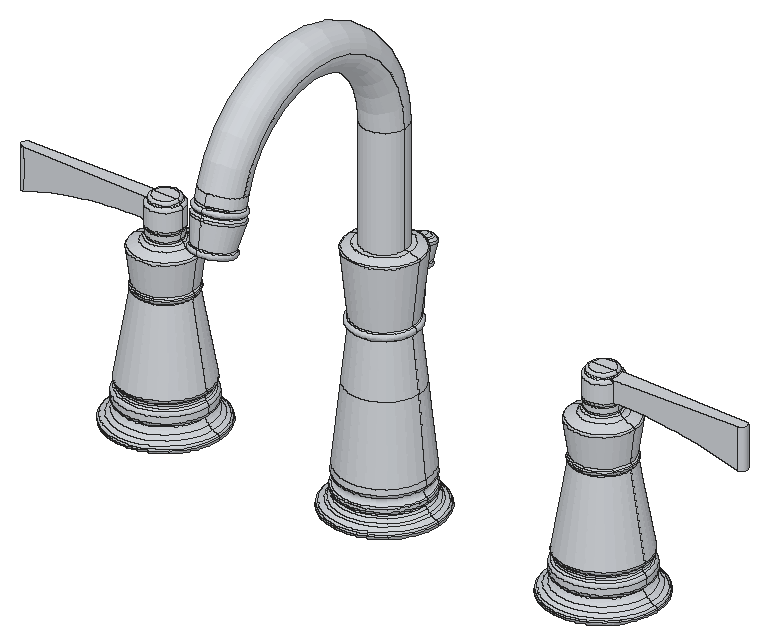
Revit family "Faucet-Lavatory-KOHLER-Archer-K-11076", category Plumbing Fixtures, host Face, Revit 2017
Family settings
  Host = Face
  Round Connector Dimension = Use Diameter
  Part Type = Normal
  OmniClass Number = 23.45.55.00
  OmniClass Title = Sanitary Faucets, Wastes
  Cut with Voids When Loaded = No
  Shared = No
  Room Calculation Point = No
Parameters (values of type "CP-Polished Chrome")
  Width [instance] = Faucet Hole Spacing  # 8"
  WaterSense Certified = if(Type = 1, 1 = 1, if(Type = 2, 1 = 1, 0 = 1))  # yes
  Waste Water Outlet = "Waste Water Outlet"  # constant formula
  Waste Connection = 1 = 0  # no
  Vent Connection = 1 = 0  # no
  URL = "https://www.us.kohler.com/us/"
  Type = 1
  Spout Reach = 3 15/16"  # constant formula
  Product Page URL = "http://www.us.kohler.com/us/catalog/productDetails.jsp?productNumber=11076-4"
  Product Name = "Archer"  # constant formula
  Product Documentation Link = "http://www.us.kohler.com/onlinecatalog/pdf/K-11076-4_spec.pdf"
  Pressure = 60.00 psi  # constant formula
  Model = if(Type = 1, "K-11076-4-CP", if(Type = 2, "K-11076-4-BN", "NA"))  # "K-11076-4-CP"
  Material = "Premium Metal Construction"  # constant formula
  MasterFormat 2004 = "22.41.39"  # constant formula
  MasterFormat 1995 = "15410"  # constant formula
  Manufacturer Address = "444 Highland Dr, Kohler, WI 53044"  # constant formula
  Manufacturer = "KOHLER Co."  # constant formula
  Length = Spout Reach  # 3 15/16"
  Hot Water Inlet = "Hot Water Inlet"  # constant formula
  Height = 8 9/16"  # constant formula
  Handle Clearance = 2 5/8"  # constant formula
  HW Connection = 1 = 1  # yes
  Flow Rate = 1.2 GPM  # constant formula
  Finish = Kohler-Metal-CP-Polished_Chrome
  Faucet Hole Spacing [instance] = 8"
  Environmental Product Declaration = ""
  Drain Included = 1 = 1  # yes
  Description = "Widespread bathroom sink faucet"  # constant formula
  Default Elevation = 36"
  Declare Label = ""
  Date Modified = "09/28/2018"  # constant formula
  Date Created = "09/28/2018"  # constant formula
  Copyright = "Copyright KOHLER Co."  # constant formula
  Contact Us = "https://www.us.kohler.com/us/static/contact.jsp"
  Cold Water Inlet = "Cold Water Inlet"  # constant formula
  CW Connection = 1 = 1  # yes
  Assembly Code = "D2010"
  ADA Compliant = 1 = 1  # yes
Types (3): name | Type | Model | Finish
  (no name) | 1 | "K-11076-4-CP" | Kohler-Metal-CP-Polished_Chrome
  CP-Polished Chrome | 1 | "K-11076-4-CP" | Kohler-Metal-CP-Polished_Chrome
  BN-Vibrant Brushed Nickel | 2 | "K-11076-4-BN" | Kohler-Metal-BN-Vibrant_Brushed_Nickel
Reference planes
  plane 1 "Center (Front/Back)": y = 0
  plane 2: z = 0
  plane 3 "Center (Left/Right)": x = 0
  plane 4: x = -101.6
  plane 5: x = 101.6
  plane 6: z = 217.487
  plane 7: y = -100.013
  plane 8: x = -168.275
  plane 9: x = 168.275
Dimensions and locks
  equal spacing: plane 5, plane 3 "Center (Left/Right)", plane 4
  "Faucet Hole Spacing": plane 4 to plane 5
  "Height": plane 6 to level
  "Length": plane 1 "Center (Front/Back)" to plane 7
  "Handle Clearance": plane 8 to plane 4
  locked: plane 9 to plane 5 at 66.675
  aligned and locked: plane 2 to host face
  aligned and locked: level to host face
  aligned and locked: nested 2 to plane 4
  aligned and locked: plane 5 to nested 3
Automatic sketch dimensions
  host sketch curve to host sketch curve = 96"  (x2)
Nested families
  nested 1: "K-11076_Spout" at (0, 0, 0), type "K-11076_Spout"
  nested 2: "K-11076_Handle" at (-101.6, 0, 0), type "K-11076_Handle"
  nested 3: "K-11076_Handle" at (101.6, 0, 0) x (-1, 0, 0) z (0, 0, 1), type "K-11076_Handle"
Connectors
  piping at (-101.6, 0, 0), diameter 9.525, driven by "Flow Rate", driven by "Pressure", driven by "HW Connection", driven by "Hot Water Inlet"
    settings: on nested 2, index 1, connector inside diameter 24", connector length 0", flow factor 0, pipe flow 1.2 GPM, pressure drop 60.00 psi, fitting loss kfactor 0, connector angle 0.00°, fixture units 0, engagement length 0", angle of deflection 0.00°, flow configuration 1, flow direction 1, fitting loss method 4, system type 19, joint type 0, gender type 0, connector reference index -1, connector utility 1, adjustable connector no, is connector primary yes, connector description "Hot Water Inlet"
  piping at (101.6, 0, 0), diameter 9.525, driven by "Flow Rate", driven by "Pressure", driven by "CW Connection", driven by "Cold Water Inlet"
    settings: on nested 3, index 2, connector inside diameter 24", connector length 0", flow factor 0, pipe flow 1.2 GPM, pressure drop 60.00 psi, fitting loss kfactor 0, connector angle 0.00°, fixture units 0, engagement length 0", angle of deflection 0.00°, flow configuration 1, flow direction 1, fitting loss method 4, system type 20, joint type 0, gender type 0, connector reference index -1, connector utility 1, adjustable connector no, is connector primary no, connector description "Cold Water Inlet"
Definition of nested family "K-11076_Spout"
  Parameters (values of type "K-11076_Spout")
    Material = none
  Reference planes
    plane 1 "Center (Front/Back)": y = 0
    plane 2: z = 0
    plane 3 "Center (Left/Right)": x = 0
  Forms (mm)
    Revolve 1, solid, material <- "Material", detail levels medium+fine
      sketch origin (0, 0, 0) x (1, 0, 0) y (0, 0, 1)
        loop
          line (0, 0) -> (0, 109.753) -> (-12.065, 109.753) -> (-16.052, 108.104)
          arc (-16.052, 108.104) -> (-16.37, 107.888) -> (-16.465, 107.516) r 0.541
          line (-16.465, 107.516) -> (-13.276, 79.543)
          arc (-13.276, 79.543) -> (-13.399, 79.171) -> (-13.743, 78.983) r 0.534
          arc (-13.743, 78.983) -> (-14.857, 77.729) -> (-13.754, 76.465) r 1.27
          arc (-13.754, 76.465) -> (-13.424, 76.275) -> (-13.319, 75.909) r 0.507
          line (-13.319, 75.909) -> (-15.821, 52.049) -> (-19.432, 17.694) -> (-19.697, 15.169)
          arc (-19.697, 15.169) -> (-19.704, 14.66) -> (-19.348, 14.295) r 0.665
          arc (-19.348, 14.295) -> (-18.279, 12.234) -> (-19.558, 10.295) r 2.294
          arc (-19.558, 10.295) -> (-19.919, 10.146) -> (-20.068, 9.785) r 0.51
          line (-20.068, 9.785) -> (-20.068, 8.384)
          arc (-20.068, 8.384) -> (-19.919, 8.023) -> (-19.558, 7.874) r 0.51
          line (-19.558, 7.874) -> (-17.833, 7.874)
          arc (-17.833, 7.874) -> (-18.214, 7.753) -> (-18.485, 7.459) r 0.778
          arc (-18.485, 7.459) -> (-18.717, 7.043) -> (-18.971, 6.64) r 9.213
          arc (-18.971, 6.64) -> (-19.266, 6.228) -> (-19.588, 5.837) r 7.58
          arc (-19.588, 5.837) -> (-20.261, 5.134) -> (-20.99, 4.491) r 11.571
          arc (-20.99, 4.491) -> (-21.488, 4.103) -> (-22, 3.735) r 16.209
          arc (-22, 3.735) -> (-23.067, 3.06) -> (-24.184, 2.469) r 16.209
          arc (-24.184, 2.469) -> (-24.581, 2.16) -> (-24.813, 1.713) r 1.179
          line (-24.813, 1.713) -> (-25.015, 0.959)
          arc (-25.015, 0.959) -> (-24.884, 0.298) -> (-24.28, 0) r 0.761
          line (-24.28, 0) -> (0, 0)
        axis (0, 0) -> (0, 109.753)
      angle from 0 to 360
    Sweep 2, solid, material <- "Material", detail levels medium+fine
      path origin (0, 0, 0) x (0, 1, 0) y (0, 0, 1)
        loop
          line (0, 109.753) -> (0, 160.304)
          arc (0, 160.304) -> (-41.41, 207.521) -> (-93.627, 172.626) r 47.624
      profile origin (0, 0, 160.304) x (0, -1, 0) y (1, 0, 0)
        loop
          circle (0, 0) r 9.525
    Revolve 3, solid, material <- "Material", detail levels medium+fine
      sketch origin (0, 0, 0) x (0, 1, 0) y (0, 0, 1)
        loop
          line (-84.426, 170.161) -> (-93.627, 172.626) -> (-99.892, 149.225) -> (-91.702, 147.032)
          arc (-91.702, 147.032) -> (-90.435, 147.559) -> (-90.621, 148.919) r 1.125
          arc (-90.621, 148.919) -> (-90.808, 149.274) -> (-90.756, 149.672) r 0.664
          line (-90.756, 149.672) -> (-86.04, 159.786)
          arc (-86.04, 159.786) -> (-85.864, 160.203) -> (-85.909, 160.654) r 0.919
          line (-85.909, 160.654) -> (-86.393, 161.985)
          arc (-86.393, 161.985) -> (-86.316, 162.466) -> (-85.872, 162.664) r 0.511
          arc (-85.872, 162.664) -> (-84.921, 163.404) -> (-85.571, 164.419) r 0.894
          line (-85.571, 164.419) -> (-88.27, 165.142) -> (-87.942, 166.369) -> (-85.61, 165.744) -> (-84.426, 170.161)
        axis (-93.627, 172.626) -> (-99.892, 149.225)
      angle from 0 to 360
    Revolve 4, solid, material <- "Material", detail levels medium+fine
      sketch origin (0, 0, 0) x (0, 1, 0) y (0, 0, 1)
        loop
          line (23.423, 102.645) -> (16.396, 45.413) -> (17.27, 38.149) -> (23.708, 90.583) -> (25.057, 90.417)
          arc (25.057, 90.417) -> (25.997, 90.913) -> (25.851, 91.967) r 0.926
          arc (25.851, 91.967) -> (25.723, 92.397) -> (25.851, 92.827) r 0.785
          line (25.851, 92.827) -> (28.037, 99.957)
          arc (28.037, 99.957) -> (28.174, 100.343) -> (28.041, 100.731) r 0.624
          line (28.041, 100.731) -> (27.159, 101.86)
          arc (27.159, 101.86) -> (26.832, 102.142) -> (26.421, 102.277) r 1.107
          line (26.421, 102.277) -> (23.423, 102.645)
        axis (15.53, 38.363) -> (23.423, 102.645)
      angle from 0 to 360
    Revolve 5, solid, material <- "Material", detail levels coarse
      sketch origin (0, 0, 0) x (0, 1, 0) y (0, 0, 1)
        loop
          line (0, 109.753) -> (0, -0.006) -> (25.668, -0.006) -> (25.668, 12.694) -> (16.962, 12.694) -> (16.962, 109.753) -> (0, 109.753)
        axis (0, 109.753) -> (0, -0.006)
      angle from 0 to 360
    Sweep 6, solid, material <- "Material", detail levels coarse
      path origin (0, 0, 0) x (0, 1, 0) y (0, 0, 1)
        loop
          line (0, 109.753) -> (0, 160.553)
          arc (0, 160.553) -> (-39.123, 207.488) -> (-92.334, 177.454) r 47.714
          line (-92.334, 177.454) -> (-99.895, 149.216)
      profile origin (0, 0, 135.153) x (0, -1, 0) y (1, 0, 0)
        loop
          circle (0, 0) r 12.7
  Cuts and joins
    joined: Revolve 1, Sweep 2, Revolve 4
    joined: Revolve 5, Sweep 6
  Lines and regions (mm)
    Masking region 1
      outline origin (0, 0, 0) x (0, 1, 0) y (0, 0, 1)
        loop
          line (9.525, 109.753) -> (9.525, 161.821)
          arc (9.525, 161.821) -> (-40.91, 217.067) -> (-102.828, 175.09) r 57.16
          line (-102.828, 175.09) -> (-104.011, 170.671) -> (-101.684, 170.048) -> (-102.012, 168.821) -> (-104.705, 169.542)
          arc (-104.705, 169.542) -> (-105.134, 169.551) -> (-105.517, 169.359) r 0.895
          arc (-105.517, 169.359) -> (-105.764, 169.019) -> (-105.829, 168.604) r 0.895
          arc (-105.829, 168.604) -> (-105.689, 168.198) -> (-105.372, 167.909) r 0.87
          arc (-105.372, 167.909) -> (-105.043, 167.511) -> (-105.211, 167.023) r 0.528
          line (-105.211, 167.023) -> (-106.304, 166.105)
          arc (-106.304, 166.105) -> (-106.564, 165.74) -> (-106.615, 165.294) r 0.897
          line (-106.615, 165.294) -> (-107.582, 154.213)
          arc (-107.582, 154.213) -> (-107.741, 153.82) -> (-108.094, 153.585) r 0.721
          arc (-108.094, 153.585) -> (-108.622, 153.25) -> (-108.897, 152.688) r 1.15
          arc (-108.897, 152.688) -> (-108.718, 151.858) -> (-108.004, 151.398) r 1.11
          line (-108.004, 151.398) -> (-99.892, 149.226) -> (-91.78, 147.054)
          arc (-91.78, 147.054) -> (-90.932, 147.096) -> (-90.361, 147.726) r 1.11
          arc (-90.361, 147.726) -> (-90.319, 148.35) -> (-90.609, 148.904) r 1.15
          arc (-90.609, 148.904) -> (-90.797, 149.284) -> (-90.739, 149.704) r 0.721
          line (-90.739, 149.704) -> (-86.04, 159.786)
          arc (-86.04, 159.786) -> (-85.862, 160.197) -> (-85.905, 160.643) r 0.897
          line (-85.905, 160.643) -> (-86.393, 161.985)
          arc (-86.393, 161.985) -> (-86.294, 162.491) -> (-85.81, 162.672) r 0.528
          arc (-85.81, 162.672) -> (-85.391, 162.764) -> (-85.067, 163.046) r 0.87
          arc (-85.067, 163.046) -> (-84.916, 163.437) -> (-84.96, 163.855) r 0.895
          arc (-84.96, 163.855) -> (-85.196, 164.213) -> (-85.572, 164.42) r 0.895
          line (-85.572, 164.42) -> (-88.264, 165.141) -> (-87.936, 166.367) -> (-85.609, 165.744) -> (-84.426, 170.161)
          arc (-84.426, 170.161) -> (-43.057, 198.143) -> (-9.525, 161.129) r 38.102
          line (-9.525, 161.129) -> (-9.525, 109.753) -> (-12.065, 109.753) -> (-16.052, 108.104)
          arc (-16.052, 108.104) -> (-16.396, 107.84) -> (-16.452, 107.411) r 0.564
          line (-16.452, 107.411) -> (-13.276, 79.543)
          arc (-13.276, 79.543) -> (-13.382, 79.173) -> (-13.72, 78.986) r 0.504
          arc (-13.72, 78.986) -> (-14.236, 78.812) -> (-14.635, 78.44) r 1.296
          arc (-14.635, 78.44) -> (-14.837, 77.955) -> (-14.816, 77.429) r 1.225
          arc (-14.816, 77.429) -> (-14.663, 77.067) -> (-14.413, 76.765) r 1.356
          arc (-14.413, 76.765) -> (-14.084, 76.55) -> (-13.705, 76.445) r 1.276
          arc (-13.705, 76.445) -> (-13.376, 76.175) -> (-13.337, 75.752) r 0.551
          line (-13.337, 75.752) -> (-19.722, 14.935)
          arc (-19.722, 14.935) -> (-19.64, 14.554) -> (-19.348, 14.295) r 0.626
          arc (-19.348, 14.295) -> (-18.265, 12.231) -> (-19.562, 10.293) r 2.281
          arc (-19.562, 10.293) -> (-19.906, 10.123) -> (-20.073, 9.778) r 0.591
          line (-20.073, 9.778) -> (-20.073, 8.392)
          arc (-20.073, 8.392) -> (-19.921, 8.025) -> (-19.555, 7.874) r 0.518
          line (-19.555, 7.874) -> (-17.846, 7.874)
          arc (-17.846, 7.874) -> (-18.235, 7.673) -> (-18.538, 7.355) r 1.32
          line (-18.538, 7.355) -> (-19.187, 6.393)
          arc (-19.187, 6.393) -> (-19.961, 5.418) -> (-20.879, 4.577) r 7.947
          arc (-20.879, 4.577) -> (-22.111, 3.683) -> (-23.404, 2.88) r 21.092
          arc (-23.404, 2.88) -> (-23.85, 2.626) -> (-24.297, 2.373) r 174.413
          arc (-24.297, 2.373) -> (-24.61, 2.111) -> (-24.807, 1.754) r 1.113
          line (-24.807, 1.754) -> (-25.015, 0.957)
          arc (-25.015, 0.957) -> (-24.886, 0.304) -> (-24.294, 0) r 0.764
          line (-24.294, 0) -> (0, 0) -> (24.294, 0)
          arc (24.294, 0) -> (24.886, 0.304) -> (25.015, 0.957) r 0.764
          line (25.015, 0.957) -> (24.807, 1.754)
          arc (24.807, 1.754) -> (24.61, 2.111) -> (24.297, 2.373) r 1.113
          arc (24.297, 2.373) -> (23.85, 2.626) -> (23.404, 2.88) r 174.413
          arc (23.404, 2.88) -> (22.111, 3.683) -> (20.879, 4.577) r 21.092
          arc (20.879, 4.577) -> (19.961, 5.418) -> (19.187, 6.393) r 7.947
          line (19.187, 6.393) -> (18.538, 7.355)
          arc (18.538, 7.355) -> (18.235, 7.673) -> (17.846, 7.874) r 1.32
          line (17.846, 7.874) -> (19.555, 7.874)
          arc (19.555, 7.874) -> (19.921, 8.025) -> (20.073, 8.392) r 0.518
          line (20.073, 8.392) -> (20.073, 9.778)
          arc (20.073, 9.778) -> (19.906, 10.123) -> (19.562, 10.293) r 0.591
          arc (19.562, 10.293) -> (18.265, 12.231) -> (19.348, 14.295) r 2.281
          arc (19.348, 14.295) -> (19.64, 14.554) -> (19.722, 14.935) r 0.626
          line (19.722, 14.935) -> (17.278, 38.213) -> (23.707, 90.577) -> (24.99, 90.419)
          arc (24.99, 90.419) -> (25.982, 90.839) -> (25.903, 91.913) r 0.925
          arc (25.903, 91.913) -> (25.73, 92.359) -> (25.862, 92.82) r 0.751
          line (25.862, 92.82) -> (28.048, 99.949)
          arc (28.048, 99.949) -> (28.18, 100.34) -> (28.046, 100.731) r 0.642
          line (28.046, 100.731) -> (27.17, 101.852)
          arc (27.17, 101.852) -> (26.782, 102.169) -> (26.295, 102.287) r 1.131
          line (26.295, 102.287) -> (23.63, 102.62) -> (20.563, 102.996)
          arc (20.563, 102.996) -> (20.061, 103) -> (19.608, 102.787) r 1.131
          line (19.608, 102.787) -> (18.487, 101.911)
          arc (18.487, 101.911) -> (18.263, 101.564) -> (18.296, 101.153) r 0.642
          line (18.296, 101.153) -> (18.692, 93.706)
          arc (18.692, 93.706) -> (18.709, 93.228) -> (18.433, 92.836) r 0.751
          arc (18.433, 92.836) -> (18.097, 91.813) -> (18.957, 91.166) r 0.925
          line (18.957, 91.166) -> (20.229, 91.01) -> (15.648, 53.701) -> (13.337, 75.752)
          arc (13.337, 75.752) -> (13.376, 76.175) -> (13.705, 76.445) r 0.551
          arc (13.705, 76.445) -> (14.084, 76.55) -> (14.413, 76.765) r 1.276
          arc (14.413, 76.765) -> (14.663, 77.067) -> (14.816, 77.429) r 1.356
          arc (14.816, 77.429) -> (14.837, 77.955) -> (14.635, 78.44) r 1.225
          arc (14.635, 78.44) -> (14.236, 78.812) -> (13.72, 78.986) r 1.296
          arc (13.72, 78.986) -> (13.382, 79.173) -> (13.276, 79.543) r 0.504
          line (13.276, 79.543) -> (16.452, 107.411)
          arc (16.452, 107.411) -> (16.396, 107.84) -> (16.052, 108.104) r 0.564
          line (16.052, 108.104) -> (12.065, 109.753) -> (9.525, 109.753)
    Masking region 2
      outline origin (0, 0, 0) x (1, 0, 0) y (0, 0, 1)
        loop
          arc (24.253, 0) -> (24.885, 0.322) -> (24.998, 1.022) r 0.782
          line (24.998, 1.022) -> (24.774, 1.802)
          arc (24.774, 1.802) -> (24.512, 2.224) -> (24.102, 2.502) r 1.193
          line (24.102, 2.502) -> (23.063, 3.055)
          arc (23.063, 3.055) -> (21.705, 3.901) -> (20.475, 4.925) r 11.679
          arc (20.475, 4.925) -> (19.851, 5.561) -> (19.269, 6.236) r 13.92
          arc (19.269, 6.236) -> (18.9, 6.751) -> (18.593, 7.306) r 5.455
          arc (18.593, 7.306) -> (18.289, 7.68) -> (17.848, 7.875) r 1.032
          line (17.848, 7.875) -> (19.56, 7.875)
          arc (19.56, 7.875) -> (19.92, 8.025) -> (20.068, 8.384) r 0.509
          line (20.068, 8.384) -> (20.068, 9.785)
          arc (20.068, 9.785) -> (19.919, 10.146) -> (19.558, 10.295) r 0.51
          arc (19.558, 10.295) -> (18.286, 12.271) -> (19.412, 14.334) r 2.302
          arc (19.412, 14.334) -> (19.708, 14.699) -> (19.697, 15.169) r 0.68
          line (19.697, 15.169) -> (13.319, 75.905)
          arc (13.319, 75.905) -> (13.455, 76.309) -> (13.849, 76.469) r 0.511
          arc (13.849, 76.469) -> (14.827, 77.775) -> (13.745, 78.997) r 1.291
          arc (13.745, 78.997) -> (13.411, 79.185) -> (13.276, 79.543) r 0.56
          line (13.276, 79.543) -> (16.465, 107.516)
          arc (16.465, 107.516) -> (16.37, 107.888) -> (16.052, 108.104) r 0.541
          line (16.052, 108.104) -> (12.065, 109.753) -> (9.525, 109.753) -> (9.525, 149.811)
          arc (9.525, 149.811) -> (9.6, 150.299) -> (9.525, 150.787) r 1.635
          line (9.525, 150.787) -> (9.525, 156.325) -> (10.643, 162.43)
          arc (10.643, 162.43) -> (10.703, 163.06) -> (10.509, 163.662) r 1.564
          line (10.509, 163.662) -> (9.88, 164.552)
          arc (9.88, 164.552) -> (10.722, 165.616) -> (10.566, 166.963) r 1.772
          arc (10.566, 166.963) -> (10.121, 167.526) -> (9.522, 167.92) r 2.244
          line (9.522, 167.92) -> (9.522, 207.926)
          arc (9.522, 207.926) -> (6.733, 214.659) -> (0, 217.448) r 9.522
          arc (0, 217.448) -> (-6.733, 214.659) -> (-9.522, 207.926) r 9.522
          line (-9.522, 207.926) -> (-9.522, 167.92)
          arc (-9.522, 167.92) -> (-10.121, 167.526) -> (-10.566, 166.963) r 2.244
          arc (-10.566, 166.963) -> (-10.722, 165.616) -> (-9.88, 164.552) r 1.772
          line (-9.88, 164.552) -> (-10.509, 163.662)
          arc (-10.509, 163.662) -> (-10.703, 163.06) -> (-10.643, 162.43) r 1.564
          line (-10.643, 162.43) -> (-9.525, 156.325) -> (-9.525, 150.787)
          arc (-9.525, 150.787) -> (-9.6, 150.299) -> (-9.525, 149.811) r 1.635
          line (-9.525, 149.811) -> (-9.525, 109.753) -> (-12.065, 109.753) -> (-16.052, 108.104)
          arc (-16.052, 108.104) -> (-16.37, 107.888) -> (-16.465, 107.516) r 0.541
          line (-16.465, 107.516) -> (-13.276, 79.543)
          arc (-13.276, 79.543) -> (-13.411, 79.185) -> (-13.745, 78.997) r 0.56
          arc (-13.745, 78.997) -> (-14.827, 77.775) -> (-13.849, 76.469) r 1.291
          arc (-13.849, 76.469) -> (-13.455, 76.309) -> (-13.319, 75.905) r 0.511
          line (-13.319, 75.905) -> (-19.697, 15.169)
          arc (-19.697, 15.169) -> (-19.708, 14.699) -> (-19.412, 14.334) r 0.68
          arc (-19.412, 14.334) -> (-18.286, 12.271) -> (-19.558, 10.295) r 2.302
          arc (-19.558, 10.295) -> (-19.919, 10.146) -> (-20.068, 9.785) r 0.51
          line (-20.068, 9.785) -> (-20.068, 8.384)
          arc (-20.068, 8.384) -> (-19.92, 8.025) -> (-19.56, 7.875) r 0.509
          line (-19.56, 7.875) -> (-17.848, 7.875)
          arc (-17.848, 7.875) -> (-18.289, 7.68) -> (-18.593, 7.306) r 1.032
          arc (-18.593, 7.306) -> (-18.9, 6.751) -> (-19.269, 6.236) r 5.455
          arc (-19.269, 6.236) -> (-19.851, 5.561) -> (-20.475, 4.925) r 13.92
          arc (-20.475, 4.925) -> (-21.705, 3.901) -> (-23.063, 3.055) r 11.679
          line (-23.063, 3.055) -> (-24.102, 2.502)
          arc (-24.102, 2.502) -> (-24.512, 2.224) -> (-24.774, 1.802) r 1.193
          line (-24.774, 1.802) -> (-24.998, 1.022)
          arc (-24.998, 1.022) -> (-24.885, 0.322) -> (-24.253, 0) r 0.782
          line (-24.253, 0) -> (0, 0) -> (24.253, 0)
    Masking region 3
      outline origin (0, 0, 0) x (1, 0, 0) y (0, 1, 0)
        loop
          line (-9.525, -23.159) -> (-9.525, -90.461)
          arc (-9.525, -90.461) -> (-10.751, -95.762) -> (-9.484, -101.053) r 11.876
          arc (-9.484, -101.053) -> (-6.181, -106.72) -> (0, -108.916) r 9.544
          arc (0, -108.916) -> (6.181, -106.72) -> (9.484, -101.053) r 9.544
          arc (9.484, -101.053) -> (10.751, -95.762) -> (9.525, -90.461) r 11.876
          line (9.525, -90.461) -> (9.525, -23.159)
          arc (9.525, -23.159) -> (24.92, 2.467) -> (4.798, 24.577) r 25.042
          arc (4.798, 24.577) -> (2.997, 27.173) -> (0, 28.173) r 5.007
          arc (0, 28.173) -> (-2.997, 27.173) -> (-4.798, 24.577) r 5.007
          arc (-4.798, 24.577) -> (-24.92, 2.467) -> (-9.525, -23.159) r 25.042
    symbolic lines, detail levels medium+fine
      curve 1: line (0, -90.609, 148.904) -> (0, -108.094, 153.585)
      curve 2: line (0, -106.615, 165.294) -> (0, -86.04, 159.786)
      curve 3: line (0, -105.211, 167.023) -> (0, -86.393, 161.985)
      curve 4: line (0, -85.571, 164.419) -> (0, -104.706, 169.542)
      curve 5: line (0, -85.609, 165.744) -> (0, -104.011, 170.671)
      curve 6: line (0, -9.525, 109.753) -> (0, 0, 109.753)
      curve 7: line (0, 0, 109.753) -> (0, 9.525, 109.753)
      curve 8: line (0, 16.052, 108.104) -> (0, -16.052, 108.104)
      curve 9: line (0, 13.705, 76.445) -> (0, -13.705, 76.445)
      curve 10: line (0, -13.276, 79.543) -> (0, 13.276, 79.543)
      curve 11: line (0, 17.833, 7.874) -> (0, -17.833, 7.874)
      curve 12: line (0, -24.297, 2.373) -> (0, 24.297, 2.373)
      curve 13: line (0, -19.558, 10.295) -> (0, 19.558, 10.295)
      curve 14: line (0, 19.697, 15.169) -> (0, -19.697, 15.169)
      curve 15: spline (9.525, 0, 172.626) -> (9.201, 0, 173.264) -> (8.249, 0, 173.858) -> (6.735, 0, 174.369) -> (4.763, 0, 174.76) -> (2.465, 0, 175.006) -> (0, 0, 175.09) -> (-2.465, 0, 175.006) -> (-4.763, 0, 174.76) -> (-6.735, 0, 174.369) -> (-8.249, 0, 173.858) -> (-9.201, 0, 173.264) -> (-9.525, 0, 172.626)
      curve 16: spline (0, 0, 170.671) -> (1.327, 0, 170.647) -> (2.628, 0, 170.575) -> (3.877, 0, 170.457) -> (5.051, 0, 170.296) -> (6.127, 0, 170.093) -> (7.083, 0, 169.854) -> (7.901, 0, 169.583) -> (8.565, 0, 169.285) -> (9.062, 0, 168.966) -> (9.382, 0, 168.632) -> (9.52, 0, 168.29) -> (9.472, 0, 167.946)
      curve 17: spline (0, 0, 170.671) -> (-1.327, 0, 170.647) -> (-2.628, 0, 170.575) -> (-3.877, 0, 170.457) -> (-5.051, 0, 170.296) -> (-6.127, 0, 170.093) -> (-7.083, 0, 169.854) -> (-7.901, 0, 169.583) -> (-8.565, 0, 169.285) -> (-9.062, 0, 168.966) -> (-9.382, 0, 168.632) -> (-9.52, 0, 168.29) -> (-9.472, 0, 167.946)
      curve 18: arc (-9.472, 0, 167.946) -> (-7.985, 0, 168.589) -> (-6.416, 0, 168.989) r 10.199
      curve 19: arc (-6.416, 0, 168.989) -> (-3.22, 0, 169.408) -> (0, 0, 169.55) r 37.497
      curve 20: arc (9.472, 0, 167.946) -> (7.985, 0, 168.589) -> (6.416, 0, 168.989) r 10.199
      curve 21: arc (6.416, 0, 168.989) -> (3.22, 0, 169.408) -> (0, 0, 169.55) r 37.497
      curve 22: arc (-9.88, 0, 164.552) -> (-9.395, 0, 165.166) -> (-8.749, 0, 165.607) r 2.594
      curve 23: arc (-8.749, 0, 165.607) -> (-7.357, 0, 166.154) -> (-5.899, 0, 166.492) r 10.219
      curve 24: arc (-5.899, 0, 166.492) -> (-2.958, 0, 166.854) -> (0, 0, 167.023) r 45.482
      curve 25: arc (9.88, 0, 164.552) -> (9.395, 0, 165.166) -> (8.749, 0, 165.607) r 2.594
      curve 26: arc (8.749, 0, 165.607) -> (7.357, 0, 166.154) -> (5.899, 0, 166.492) r 10.219
      curve 27: arc (5.899, 0, 166.492) -> (2.958, 0, 166.854) -> (0, 0, 167.023) r 45.482
      curve 28: arc (-3.167, 0, 165.165) -> (-1.587, 0, 165.31) -> (0, 0, 165.294) r 15.68
      curve 29: spline (-10.643, 0, 162.43) -> (-10.28, 0, 163.171) -> (-9.217, 0, 163.862) -> (-7.525, 0, 164.455) -> (-5.321, 0, 164.911) -> (-2.755, 0, 165.197) -> (0, 0, 165.294) -> (2.755, 0, 165.197) -> (5.321, 0, 164.911) -> (7.525, 0, 164.455) -> (9.217, 0, 163.862) -> (10.28, 0, 163.171) -> (10.643, 0, 162.43)
      curve 30: spline (-9.6, 0, 150.299) -> (-9.273, 0, 149.443) -> (-8.314, 0, 148.645) -> (-6.788, 0, 147.96) -> (-4.8, 0, 147.434) -> (-2.485, 0, 147.104) -> (0, 0, 146.991) -> (2.485, 0, 147.104) -> (4.8, 0, 147.434) -> (6.788, 0, 147.96) -> (8.314, 0, 148.645) -> (9.273, 0, 149.443) -> (9.6, 0, 150.299)
      curve 31: spline (-9.6, 0, 150.299) -> (-9.273, 0, 151.155) -> (-8.314, 0, 151.953) -> (-6.788, 0, 152.638) -> (-4.8, 0, 153.163) -> (-2.485, 0, 153.494) -> (0, 0, 153.607) -> (2.485, 0, 153.494) -> (4.8, 0, 153.163) -> (6.788, 0, 152.638) -> (8.314, 0, 151.953) -> (9.273, 0, 151.155) -> (9.6, 0, 150.299)
      curve 32: line (-9.525, 0, 156.325) -> (-8.68, 0, 151.707)
      curve 33: line (9.525, 0, 156.325) -> (8.68, 0, 151.707)
      curve 34: line (-9.525, 0, 109.753) -> (9.525, 0, 109.753)
      curve 35: line (-16.052, 0, 108.104) -> (16.052, 0, 108.104)
      curve 36: line (-13.276, 0, 79.543) -> (13.276, 0, 79.543)
      curve 37: line (13.754, 0, 76.465) -> (-13.754, 0, 76.465)
      curve 38: line (19.697, 0, 15.169) -> (-19.697, 0, 15.169)
      curve 39: line (19.558, 0, 10.295) -> (-19.558, 0, 10.295)
      curve 40: line (-19.558, 0, 7.874) -> (19.558, 0, 7.874)
      curve 41: line (-24.102, 0, 2.502) -> (24.102, 0, 2.502)
      curve 42: line (-18.593, 0, 7.306) -> (18.593, 0, 7.306)
      curve 43: arc (-9.484, -101.053, 0) -> (-5.511, -105.145, 0) -> (0, -106.615, 0) r 10.707
      curve 44: arc (9.484, -101.053, 0) -> (5.511, -105.145, 0) -> (0, -106.615, 0) r 10.707
      curve 45: arc (0, -105.848, 0) -> (-7.163, -103.259, 0) -> (-10.723, -96.526, 0) r 10.562
      curve 46: arc (0, -105.848, 0) -> (7.163, -103.259, 0) -> (10.723, -96.526, 0) r 10.562
      curve 47: spline (9.505, -94.219, 0) -> (9.055, -96.481, 0) -> (8.037, -98.565, 0) -> (6.515, -100.339, 0) -> (4.585, -101.692, 0) -> (2.366, -102.54, 0) -> (0, -102.828, 0) -> (-2.366, -102.54, 0) -> (-4.585, -101.692, 0) -> (-6.515, -100.339, 0) -> (-8.037, -98.565, 0) -> (-9.055, -96.481, 0) -> (-9.505, -94.219, 0)
      curve 48: spline (-9.505, -94.219, 0) -> (-9.5, -95.471, 0) -> (-9.319, -96.712, 0) -> (-8.966, -97.917, 0) -> (-8.446, -99.065, 0) -> (-7.769, -100.134, 0) -> (-6.948, -101.104, 0) -> (-5.999, -101.957, 0) -> (-4.938, -102.678, 0) -> (-3.786, -103.253, 0) -> (-2.564, -103.672, 0) -> (-1.294, -103.926, 0) -> (0, -104.011, 0)
      curve 49: spline (9.505, -94.219, 0) -> (9.5, -95.471, 0) -> (9.319, -96.712, 0) -> (8.966, -97.917, 0) -> (8.446, -99.065, 0) -> (7.769, -100.134, 0) -> (6.948, -101.104, 0) -> (5.999, -101.957, 0) -> (4.938, -102.678, 0) -> (3.786, -103.253, 0) -> (2.564, -103.672, 0) -> (1.294, -103.926, 0) -> (0, -104.011, 0)
      curve 50: line (9.505, -94.219, 0) -> (9.525, -90.461, 0)
      curve 51: line (-9.505, -94.219, 0) -> (-9.525, -90.461, 0)
      curve 52: line (-9.525, -23.159, 0) -> (-9.525, 0.005, 0)
      curve 53: line (9.525, -23.159, 0) -> (9.525, 0.005, 0)
      curve 54: arc (-9.525, 0.005, 0) -> (0, 9.53, 0) -> (9.525, 0.005, 0) r 9.525
      curve 55: arc (-9.525, -7.405, 0) -> (0, 12.065, 0) -> (9.525, -7.405, 0) r 12.065
      curve 56: arc (9.525, -12.921, 0) -> (0, 16.052, 0) -> (-9.525, -12.921, 0) r 16.052
      curve 57: arc (9.525, -13.435, 0) -> (-0.001, 16.469, 0) -> (-9.525, -13.436, 0) r 16.469
      curve 58: arc (4.841, 24.569, 0) -> (0, 18.066, 0) -> (-4.841, 24.569, 0) r 5.054
      curve 59: line (-1.756, 18.381, 0) -> (-1.756, 16.376, 0)
      curve 60: line (1.756, 18.381, 0) -> (1.756, 16.375, 0)
      curve 61: arc (-3.067, 19.104, 0) -> (-19.043, 3.421, 0) -> (-9.525, -16.841, 0) r 19.348
      curve 62: arc (3.067, 19.104, 0) -> (19.043, 3.421, 0) -> (9.525, -16.841, 0) r 19.348
      curve 63: arc (-3.419, 19.398, 0) -> (-19.429, 3.238, 0) -> (-9.525, -17.241, 0) r 19.697
      curve 64: arc (3.419, 19.398, 0) -> (19.429, 3.238, 0) -> (9.525, -17.241, 0) r 19.697
  Dimensions and locks
    aligned and locked: plane 2 to level
Definition of nested family "K-11076_Handle"
  Parameters (values of type "K-11076_Handle")
    Material = none
  Reference planes
    plane 1 "Center (Front/Back)": y = 0
    plane 2: z = 0
    plane 3 "Center (Left/Right)": x = 0
  Forms (mm)
    Revolve 1, solid, material <- "Material", detail levels medium+fine
      sketch origin (0, 0, 0) x (1, 0, 0) y (0, 0, 1)
        loop
          arc (24.273, 0) -> (24.858, 0.285) -> (24.992, 0.922) r 0.741
          line (24.992, 0.922) -> (24.801, 1.681)
          arc (24.801, 1.681) -> (24.565, 2.155) -> (24.151, 2.484) r 1.227
          arc (24.151, 2.484) -> (23.117, 3.037) -> (22.124, 3.659) r 16.961
          arc (22.124, 3.659) -> (21.141, 4.375) -> (20.212, 5.16) r 16.961
          arc (20.212, 5.16) -> (19.236, 6.233) -> (18.481, 7.472) r 7.622
          arc (18.481, 7.472) -> (18.202, 7.775) -> (17.803, 7.874) r 0.716
          line (17.803, 7.874) -> (16.936, 7.874)
          arc (16.936, 7.874) -> (16.559, 7.97) -> (16.274, 8.236) r 0.787
          arc (16.274, 8.236) -> (15.988, 8.515) -> (15.609, 8.643) r 0.896
          line (15.609, 8.643) -> (18.962, 8.643)
          arc (18.962, 8.643) -> (19.742, 8.966) -> (20.066, 9.747) r 1.104
          line (20.066, 9.747) -> (20.066, 12.502)
          arc (20.066, 12.502) -> (19.803, 13.492) -> (19.084, 14.222) r 1.998
          arc (19.084, 14.222) -> (18.642, 14.565) -> (18.3, 15.008) r 2.222
          arc (18.3, 15.008) -> (18.115, 15.435) -> (18.04, 15.894) r 1.895
          arc (18.04, 15.894) -> (18.083, 16.42) -> (18.251, 16.919) r 2.177
          arc (18.251, 16.919) -> (18.489, 17.295) -> (18.81, 17.603) r 1.862
          arc (18.81, 17.603) -> (19.135, 18.031) -> (19.189, 18.565) r 0.99
          line (19.189, 18.565) -> (12.747, 55.045)
          arc (12.747, 55.045) -> (12.792, 55.434) -> (13.044, 55.734) r 0.683
          arc (13.044, 55.734) -> (13.355, 56.091) -> (13.44, 56.557) r 0.89
          arc (13.44, 56.557) -> (13.321, 56.96) -> (13.056, 57.287) r 1.074
          arc (13.056, 57.287) -> (12.771, 57.682) -> (12.716, 58.166) r 0.968
          line (12.716, 58.166) -> (14.713, 72.357)
          arc (14.713, 72.357) -> (14.619, 72.848) -> (14.246, 73.181) r 0.778
          line (14.246, 73.181) -> (9.623, 75.142)
          arc (9.623, 75.142) -> (8.718, 75.742) -> (8.088, 76.627) r 2.969
          arc (8.088, 76.627) -> (7.7, 77.061) -> (7.136, 77.205) r 0.999
          arc (7.136, 77.205) -> (7.309, 77.559) -> (7.368, 77.949) r 1.309
          line (7.368, 77.949) -> (7.368, 80.557)
          arc (7.368, 80.557) -> (7.462, 80.96) -> (7.653, 81.328) r 1.653
          arc (7.653, 81.328) -> (7.865, 81.762) -> (7.937, 82.239) r 1.602
          line (7.937, 82.239) -> (7.937, 90.386)
          arc (7.937, 90.386) -> (7.605, 91.346) -> (6.749, 91.893) r 1.549
          arc (6.749, 91.893) -> (6.424, 92.127) -> (6.358, 92.522) r 0.527
          arc (6.358, 92.522) -> (6.153, 93.421) -> (5.322, 93.821) r 1.063
          line (5.322, 93.821) -> (0, 93.821) -> (0, 0) -> (24.273, 0)
        axis (0, 93.821) -> (0, 0)
      angle from 0 to 360
    Extrusion 2, solid, material <- "Material", detail levels medium+fine
      sketch origin (0, 0, 0) x (1, 0, 0) y (0, 0, 1)
        loop
          line (-3.891, 92.075) -> (-64.225, 92.075) -> (-64.225, 74.055) -> (-57.203, 75.937) -> (-50.831, 77.644) -> (-45.022, 78.923) -> (-40.383, 79.824) -> (-36.333, 80.539) -> (-33.388, 81.005) -> (-28.205, 81.641) -> (-24.374, 82.025) -> (-22.208, 82.242) -> (-19.264, 82.419) -> (-15.83, 82.625) -> (-12.592, 82.72) -> (-8.859, 82.829)
          arc (-8.859, 82.829) -> (-6.702, 81.946) -> (-5.801, 79.815) r 2.97
          line (-5.801, 79.815) -> (-3.891, 79.815) -> (-3.891, 92.075)
      from -7.525 to 6.861
    Extrusion 3, void
      sketch origin (0, 0, 0) x (1, 0, 0) y (0, 1, 0)
        loop
          line (-3.307, 3.498) -> (-2.632, 7.525) -> (-72.117, 7.525) -> (-72.117, 2.297) -> (-3.307, 3.498)
      from 73.889 to 102.433
    Extrusion 4, solid, material <- "Material", detail levels medium+fine
      sketch origin (-0.949, -0.001, 0) x (1, 0, 0) y (0, 1, 0)
        loop
          arc (-63.275, 2.452) -> (-65.726, 0.001) -> (-63.275, -2.449) r 2.45
          line (-63.275, -2.449) -> (-63.275, 2.452)
      from 74.055 to 92.075
    Extrusion 5, void
      sketch origin (0, 0.002, 0) x (1, 0, 0) y (0, 1, 0)
        loop
          line (-3.307, -3.498) -> (-70.575, -2.324) -> (-70.575, -7.525) -> (-2.632, -7.525) -> (-3.307, -3.498)
      from 73.889 to 102.433
    Extrusion 6, solid, material <- "Material", detail levels medium+fine
      sketch origin (0, 0, 0) x (1, 0, 0) y (0, 1, 0)
        loop
          circle (0, 0) r 1.425
      from 0 to 2.091
    Revolve 7, solid, material <- "Material", detail levels coarse
      sketch origin (0, 0, 0) x (1, 0, 0) y (0, 0, 1)
        loop
          line (0, 93.821) -> (0, 0) -> (25.031, 0) -> (25.031, 7.874) -> (20.234, 7.874) -> (20.234, 72.135) -> (9.321, 72.135) -> (9.321, 93.821) -> (0, 93.821)
        axis (0, 93.821) -> (0, 0)
      angle from 0 to 360
    Extrusion 8, solid, material <- "Material", detail levels coarse
      sketch origin (0, 0, 0) x (1, 0, 0) y (0, 1, 0)
        loop
          arc (-63.989, 2.439) -> (-66.675, -0.009) -> (-63.971, -2.437) r 2.45
          line (-63.971, -2.437) -> (-5.458, -3.459) -> (-5.458, 3.461) -> (-63.989, 2.439)
      from 74.055 to 92.075
  Cuts and joins
    Extrusion 3, Extrusion 5 cuts Extrusion 2
    joined: Revolve 1, Extrusion 2, Extrusion 4
    joined: Revolve 7, Extrusion 8
  Lines and regions (mm)
    Masking region 1
      outline origin (0, 0, 0) x (1, 0, 0) y (0, 0, 1)
        loop
          arc (24.273, 0) -> (24.858, 0.285) -> (24.992, 0.922) r 0.741
          line (24.992, 0.922) -> (24.801, 1.681)
          arc (24.801, 1.681) -> (24.565, 2.155) -> (24.151, 2.484) r 1.227
          arc (24.151, 2.484) -> (23.117, 3.037) -> (22.124, 3.659) r 16.961
          arc (22.124, 3.659) -> (21.141, 4.375) -> (20.212, 5.16) r 16.961
          arc (20.212, 5.16) -> (19.236, 6.233) -> (18.481, 7.472) r 7.622
          arc (18.481, 7.472) -> (18.202, 7.775) -> (17.803, 7.874) r 0.716
          line (17.803, 7.874) -> (16.936, 7.874)
          arc (16.936, 7.874) -> (16.559, 7.97) -> (16.274, 8.236) r 0.787
          arc (16.274, 8.236) -> (15.988, 8.515) -> (15.609, 8.643) r 0.896
          line (15.609, 8.643) -> (18.962, 8.643)
          arc (18.962, 8.643) -> (19.742, 8.966) -> (20.066, 9.747) r 1.104
          line (20.066, 9.747) -> (20.066, 12.502)
          arc (20.066, 12.502) -> (19.803, 13.492) -> (19.084, 14.222) r 1.998
          arc (19.084, 14.222) -> (18.642, 14.565) -> (18.3, 15.008) r 2.222
          arc (18.3, 15.008) -> (18.115, 15.435) -> (18.04, 15.894) r 1.895
          arc (18.04, 15.894) -> (18.083, 16.42) -> (18.251, 16.919) r 2.177
          arc (18.251, 16.919) -> (18.489, 17.295) -> (18.81, 17.603) r 1.862
          arc (18.81, 17.603) -> (19.135, 18.031) -> (19.189, 18.565) r 0.99
          line (19.189, 18.565) -> (12.747, 55.045)
          arc (12.747, 55.045) -> (12.792, 55.434) -> (13.044, 55.734) r 0.683
          arc (13.044, 55.734) -> (13.355, 56.091) -> (13.44, 56.557) r 0.89
          arc (13.44, 56.557) -> (13.321, 56.96) -> (13.056, 57.287) r 1.074
          arc (13.056, 57.287) -> (12.771, 57.682) -> (12.716, 58.166) r 0.968
          line (12.716, 58.166) -> (14.713, 72.357)
          arc (14.713, 72.357) -> (14.619, 72.848) -> (14.246, 73.181) r 0.778
          line (14.246, 73.181) -> (9.623, 75.142)
          arc (9.623, 75.142) -> (8.718, 75.742) -> (8.088, 76.627) r 2.969
          arc (8.088, 76.627) -> (7.7, 77.061) -> (7.136, 77.205) r 0.999
          arc (7.136, 77.205) -> (7.309, 77.559) -> (7.368, 77.949) r 1.309
          line (7.368, 77.949) -> (7.368, 80.557)
          arc (7.368, 80.557) -> (7.462, 80.96) -> (7.653, 81.328) r 1.653
          arc (7.653, 81.328) -> (7.865, 81.762) -> (7.937, 82.239) r 1.602
          line (7.937, 82.239) -> (7.937, 90.386)
          arc (7.937, 90.386) -> (7.605, 91.346) -> (6.749, 91.893) r 1.549
          arc (6.749, 91.893) -> (6.424, 92.127) -> (6.358, 92.522) r 0.527
          arc (6.358, 92.522) -> (6.153, 93.421) -> (5.322, 93.821) r 1.063
          line (5.322, 93.821) -> (0, 93.821) -> (-5.322, 93.821)
          arc (-5.322, 93.821) -> (-5.705, 93.747) -> (-6.032, 93.533) r 1.021
          arc (-6.032, 93.533) -> (-6.264, 93.219) -> (-6.381, 92.846) r 1.187
          arc (-6.381, 92.846) -> (-6.364, 92.445) -> (-6.517, 92.075) r 0.93
          line (-6.517, 92.075) -> (-64.225, 92.075) -> (-66.675, 92.075) -> (-66.675, 74.079) -> (-64.136, 74.079) -> (-57.203, 75.937) -> (-50.831, 77.644) -> (-45.022, 78.923) -> (-40.383, 79.824) -> (-36.333, 80.539) -> (-33.388, 81.005) -> (-28.205, 81.641) -> (-24.374, 82.025) -> (-22.208, 82.242) -> (-19.264, 82.419) -> (-15.83, 82.625) -> (-12.592, 82.72) -> (-8.859, 82.829)
          arc (-8.859, 82.829) -> (-8.367, 82.763) -> (-7.884, 82.65) r 5.113
          arc (-7.884, 82.65) -> (-7.913, 81.963) -> (-7.653, 81.328) r 1.602
          arc (-7.653, 81.328) -> (-7.462, 80.96) -> (-7.368, 80.557) r 1.653
          line (-7.368, 80.557) -> (-7.368, 77.949)
          arc (-7.368, 77.949) -> (-7.309, 77.559) -> (-7.136, 77.205) r 1.309
          arc (-7.136, 77.205) -> (-7.7, 77.061) -> (-8.088, 76.627) r 0.999
          arc (-8.088, 76.627) -> (-8.718, 75.742) -> (-9.623, 75.142) r 2.969
          line (-9.623, 75.142) -> (-14.246, 73.181)
          arc (-14.246, 73.181) -> (-14.619, 72.848) -> (-14.713, 72.357) r 0.778
          line (-14.713, 72.357) -> (-12.716, 58.166)
          arc (-12.716, 58.166) -> (-12.771, 57.682) -> (-13.056, 57.287) r 0.968
          arc (-13.056, 57.287) -> (-13.321, 56.96) -> (-13.44, 56.557) r 1.074
          arc (-13.44, 56.557) -> (-13.355, 56.091) -> (-13.044, 55.734) r 0.89
          arc (-13.044, 55.734) -> (-12.792, 55.434) -> (-12.747, 55.045) r 0.683
          line (-12.747, 55.045) -> (-19.189, 18.565)
          arc (-19.189, 18.565) -> (-19.135, 18.031) -> (-18.81, 17.603) r 0.99
          arc (-18.81, 17.603) -> (-18.489, 17.295) -> (-18.251, 16.919) r 1.862
          arc (-18.251, 16.919) -> (-18.083, 16.42) -> (-18.04, 15.894) r 2.177
          arc (-18.04, 15.894) -> (-18.115, 15.435) -> (-18.3, 15.008) r 1.895
          arc (-18.3, 15.008) -> (-18.642, 14.565) -> (-19.084, 14.222) r 2.222
          arc (-19.084, 14.222) -> (-19.803, 13.492) -> (-20.066, 12.502) r 1.998
          line (-20.066, 12.502) -> (-20.066, 9.747)
          arc (-20.066, 9.747) -> (-19.742, 8.966) -> (-18.962, 8.643) r 1.104
          line (-18.962, 8.643) -> (-15.609, 8.643)
          arc (-15.609, 8.643) -> (-15.988, 8.515) -> (-16.274, 8.236) r 0.896
          arc (-16.274, 8.236) -> (-16.559, 7.97) -> (-16.936, 7.874) r 0.787
          line (-16.936, 7.874) -> (-17.803, 7.874)
          arc (-17.803, 7.874) -> (-18.202, 7.775) -> (-18.481, 7.472) r 0.716
          arc (-18.481, 7.472) -> (-19.236, 6.233) -> (-20.212, 5.16) r 7.622
          arc (-20.212, 5.16) -> (-21.141, 4.375) -> (-22.124, 3.659) r 16.961
          arc (-22.124, 3.659) -> (-23.117, 3.037) -> (-24.151, 2.484) r 16.961
          arc (-24.151, 2.484) -> (-24.565, 2.155) -> (-24.801, 1.681) r 1.227
          line (-24.801, 1.681) -> (-24.992, 0.922)
          arc (-24.992, 0.922) -> (-24.858, 0.285) -> (-24.273, 0) r 0.741
          line (-24.273, 0) -> (0, 0) -> (24.273, 0)
    Masking region 2
      outline origin (0, 0, 0) x (0, 1, 0) y (0, 0, 1)
        loop
          line (0, 93.821) -> (-5.321, 93.821)
          arc (-5.321, 93.821) -> (-6.148, 93.427) -> (-6.361, 92.535) r 1.063
          arc (-6.361, 92.535) -> (-6.431, 92.13) -> (-6.761, 91.885) r 0.553
          arc (-6.761, 91.885) -> (-7.567, 91.375) -> (-7.937, 90.495) r 1.591
          line (-7.937, 90.495) -> (-7.937, 82.216)
          arc (-7.937, 82.216) -> (-7.863, 81.745) -> (-7.647, 81.321) r 1.525
          arc (-7.647, 81.321) -> (-7.455, 80.959) -> (-7.368, 80.557) r 1.492
          line (-7.368, 80.557) -> (-7.368, 77.993)
          arc (-7.368, 77.993) -> (-7.309, 77.582) -> (-7.136, 77.205) r 1.454
          arc (-7.136, 77.205) -> (-7.721, 77.035) -> (-8.119, 76.572) r 1.07
          arc (-8.119, 76.572) -> (-8.667, 75.776) -> (-9.463, 75.228) r 2.664
          line (-9.463, 75.228) -> (-14.243, 73.182)
          arc (-14.243, 73.182) -> (-14.613, 72.854) -> (-14.712, 72.369) r 0.781
          line (-14.712, 72.369) -> (-12.716, 58.168)
          arc (-12.716, 58.168) -> (-12.771, 57.683) -> (-13.054, 57.284) r 0.978
          arc (-13.054, 57.284) -> (-13.319, 56.952) -> (-13.437, 56.544) r 1.089
          arc (-13.437, 56.544) -> (-13.357, 56.103) -> (-13.066, 55.762) r 0.859
          arc (-13.066, 55.762) -> (-12.808, 55.457) -> (-12.742, 55.062) r 0.753
          line (-12.742, 55.062) -> (-19.189, 18.565)
          arc (-19.189, 18.565) -> (-19.132, 18.021) -> (-18.795, 17.59) r 0.993
          arc (-18.795, 17.59) -> (-18.248, 16.955) -> (-18.041, 16.144) r 1.833
          arc (-18.041, 16.144) -> (-18.327, 15.014) -> (-19.15, 14.187) r 2.204
          arc (-19.15, 14.187) -> (-19.82, 13.521) -> (-20.067, 12.608) r 1.824
          line (-20.067, 12.608) -> (-20.067, 9.744)
          arc (-20.067, 9.744) -> (-19.744, 8.964) -> (-18.964, 8.641) r 1.103
          line (-18.964, 8.641) -> (-15.607, 8.641)
          arc (-15.607, 8.641) -> (-15.981, 8.541) -> (-16.254, 8.267) r 0.748
          arc (-16.254, 8.267) -> (-16.547, 7.98) -> (-16.944, 7.874) r 0.803
          line (-16.944, 7.874) -> (-17.803, 7.874)
          arc (-17.803, 7.874) -> (-18.271, 7.722) -> (-18.561, 7.324) r 0.798
          line (-18.561, 7.324) -> (-19.028, 6.547) -> (-19.841, 5.544)
          arc (-19.841, 5.544) -> (-20.843, 4.622) -> (-21.926, 3.794) r 15.03
          arc (-21.926, 3.794) -> (-22.39, 3.48) -> (-22.863, 3.177) r 22.127
          arc (-22.863, 3.177) -> (-23.54, 2.781) -> (-24.237, 2.423) r 14.368
          arc (-24.237, 2.423) -> (-24.592, 2.12) -> (-24.796, 1.7) r 1.141
          line (-24.796, 1.7) -> (-24.992, 0.922)
          arc (-24.992, 0.922) -> (-24.856, 0.283) -> (-24.267, 0) r 0.741
          line (-24.267, 0) -> (24.267, 0)
          arc (24.267, 0) -> (24.856, 0.283) -> (24.992, 0.922) r 0.741
          line (24.992, 0.922) -> (24.796, 1.7)
          arc (24.796, 1.7) -> (24.592, 2.12) -> (24.237, 2.423) r 1.141
          arc (24.237, 2.423) -> (23.54, 2.781) -> (22.863, 3.177) r 14.368
          arc (22.863, 3.177) -> (22.39, 3.48) -> (21.926, 3.794) r 22.127
          arc (21.926, 3.794) -> (20.843, 4.622) -> (19.841, 5.544) r 15.03
          line (19.841, 5.544) -> (19.028, 6.547) -> (18.561, 7.324)
          arc (18.561, 7.324) -> (18.271, 7.722) -> (17.803, 7.874) r 0.798
          line (17.803, 7.874) -> (16.944, 7.874)
          arc (16.944, 7.874) -> (16.547, 7.98) -> (16.254, 8.267) r 0.803
          arc (16.254, 8.267) -> (15.981, 8.541) -> (15.607, 8.641) r 0.748
          line (15.607, 8.641) -> (18.964, 8.641)
          arc (18.964, 8.641) -> (19.744, 8.964) -> (20.067, 9.744) r 1.103
          line (20.067, 9.744) -> (20.067, 12.608)
          arc (20.067, 12.608) -> (19.82, 13.521) -> (19.15, 14.187) r 1.824
          arc (19.15, 14.187) -> (18.327, 15.014) -> (18.041, 16.144) r 2.204
          arc (18.041, 16.144) -> (18.248, 16.955) -> (18.795, 17.59) r 1.833
          arc (18.795, 17.59) -> (19.132, 18.021) -> (19.189, 18.565) r 0.993
          line (19.189, 18.565) -> (12.742, 55.062)
          arc (12.742, 55.062) -> (12.808, 55.457) -> (13.066, 55.762) r 0.753
          arc (13.066, 55.762) -> (13.357, 56.103) -> (13.437, 56.544) r 0.859
          arc (13.437, 56.544) -> (13.319, 56.952) -> (13.054, 57.284) r 1.089
          arc (13.054, 57.284) -> (12.771, 57.683) -> (12.716, 58.168) r 0.978
          line (12.716, 58.168) -> (14.712, 72.369)
          arc (14.712, 72.369) -> (14.613, 72.854) -> (14.243, 73.182) r 0.781
          line (14.243, 73.182) -> (9.463, 75.228)
          arc (9.463, 75.228) -> (8.667, 75.776) -> (8.119, 76.572) r 2.664
          arc (8.119, 76.572) -> (7.721, 77.035) -> (7.136, 77.205) r 1.07
          arc (7.136, 77.205) -> (7.309, 77.582) -> (7.368, 77.993) r 1.454
          line (7.368, 77.993) -> (7.368, 80.557)
          arc (7.368, 80.557) -> (7.455, 80.959) -> (7.647, 81.321) r 1.492
          arc (7.647, 81.321) -> (7.863, 81.745) -> (7.937, 82.216) r 1.525
          line (7.937, 82.216) -> (7.937, 90.495)
          arc (7.937, 90.495) -> (7.567, 91.375) -> (6.761, 91.885) r 1.591
          arc (6.761, 91.885) -> (6.431, 92.13) -> (6.361, 92.535) r 0.553
          arc (6.361, 92.535) -> (6.148, 93.427) -> (5.321, 93.821) r 1.063
          line (5.321, 93.821) -> (0, 93.821)
    Masking region 3
      outline origin (0, 0, 0) x (1, 0, 0) y (0, 1, 0)
        loop
          line (-24.816, 3.123) -> (-63.989, 2.439)
          arc (-63.989, 2.439) -> (-66.675, -0.009) -> (-63.971, -2.437) r 2.45
          line (-63.971, -2.437) -> (-24.816, -3.121)
          arc (-24.816, -3.121) -> (25.012, 0) -> (-24.816, 3.123) r 25.012
    symbolic lines, detail levels medium+fine
      curve 1: line (-7.136, 0, 77.205) -> (7.136, 0, 77.205)
      curve 2: line (-7.368, 0, 80.557) -> (7.368, 0, 80.557)
      curve 3: line (15.609, 0, 8.643) -> (-15.609, 0, 8.643)
      curve 4: line (16.936, 0, 7.874) -> (-16.936, 0, 7.874)
      curve 5: line (-19.189, 0, 18.565) -> (19.189, 0, 18.565)
      curve 6: line (20.066, 0, 12.502) -> (-20.066, 0, 12.502)
      curve 7: line (12.747, 0, 55.045) -> (-12.747, 0, 55.045)
      curve 8: line (12.747, 0, 58.069) -> (-12.747, 0, 58.069)
      curve 9: line (-6.517, 0, 92.075) -> (6.461, 0, 92.075)
      curve 10: arc (-7.884, 0, 82.65) -> (-7.509, 0, 82.504) -> (-7.158, 0, 82.309) r 2.97
      curve 11: line (-7.158, 0, 82.309) -> (7.937, 0, 82.309)
      curve 12: line (-14.713, 0, 72.357) -> (14.713, 0, 72.357)
      curve 13: line (0, 7.136, 77.205) -> (0, 2.64, 77.205)
      curve 14: line (0, -2.64, 77.205) -> (0, -7.136, 77.205)
      curve 15: line (0, 7.368, 80.557) -> (0, 2.924, 80.557)
      curve 16: line (0, -7.368, 80.557) -> (0, -2.924, 80.557)
      curve 17: line (0, 3.431, 92.075) -> (0, -3.431, 92.075)
      curve 18: line (0, 3.431, 92.075) -> (0, 3.431, 82.309)
      curve 19: line (0, 2.435, 74.055) -> (0, 2.558, 75.937)
      curve 20: line (0, 2.558, 75.937) -> (0, 2.669, 77.644)
      curve 21: line (0, 2.669, 77.644) -> (0, 2.77, 78.923)
      curve 22: line (0, 2.77, 78.923) -> (0, 2.924, 80.557)
      curve 23: line (0, 2.924, 80.557) -> (0, 3.094, 81.875)
      curve 24: arc (0, 3.094, 81.875) -> (0, 3.203, 82.138) -> (0, 3.431, 82.309) r 0.542
      curve 25: line (0, 0, 74.055) -> (0, 2.435, 74.055)
      curve 26: spline (0, 2.435, 74.055) -> (0, 2.436, 75.556) -> (0, 2.437, 77.057) -> (0, 2.438, 78.559) -> (0, 2.439, 80.061) -> (0, 2.439, 81.563) -> (0, 2.439, 83.065) -> (0, 2.439, 84.567) -> (0, 2.439, 86.07) -> (0, 2.438, 87.572) -> (0, 2.437, 89.073) -> (0, 2.436, 90.574) -> (0, 2.435, 92.075)
      curve 27: line (0, -3.431, 92.075) -> (0, -3.431, 82.309)
      curve 28: line (0, -2.435, 74.055) -> (0, -2.558, 75.937)
      curve 29: line (0, -2.558, 75.937) -> (0, -2.669, 77.644)
      curve 30: line (0, -2.669, 77.644) -> (0, -2.77, 78.923)
      curve 31: line (0, -2.77, 78.923) -> (0, -2.924, 80.557)
      curve 32: line (0, -2.924, 80.557) -> (0, -3.094, 81.875)
      curve 33: arc (0, -3.094, 81.875) -> (0, -3.203, 82.138) -> (0, -3.431, 82.309) r 0.542
      curve 34: line (0, 0, 74.055) -> (0, -2.435, 74.055)
      curve 35: spline (0, -2.435, 74.055) -> (0, -2.436, 75.556) -> (0, -2.437, 77.057) -> (0, -2.438, 78.559) -> (0, -2.439, 80.061) -> (0, -2.439, 81.563) -> (0, -2.439, 83.065) -> (0, -2.439, 84.567) -> (0, -2.439, 86.07) -> (0, -2.438, 87.572) -> (0, -2.437, 89.073) -> (0, -2.436, 90.574) -> (0, -2.435, 92.075)
      curve 36: line (0, 15.609, 8.643) -> (0, -15.609, 8.643)
      curve 37: line (0, -16.944, 7.874) -> (0, 16.944, 7.874)
      curve 38: arc (-7.155, 3.431, 0) -> (7.935, -0.001, 0) -> (-7.156, -3.431, 0) r 7.935
      curve 39: circle (0, 0, 0) r 6.379 normal (0, 0, 1)
      curve 40: arc (-14.338, 3.306, 0) -> (14.714, 0, 0) -> (-14.338, -3.306, 0) r 14.714
      curve 41: arc (-18.925, 3.226, 0) -> (19.198, 0, 0) -> (-18.925, -3.226, 0) r 19.198
      curve 42: arc (-19.796, 3.21, 0) -> (20.055, 0.001, 0) -> (-19.796, -3.21, 0) r 20.055
      curve 43: line (-24.816, 3.123, 0) -> (-5.357, 3.462, 0)
      curve 44: line (-24.816, -3.123, 0) -> (-5.357, -3.462, 0)
  Dimensions and locks
    aligned and locked: plane 2 to level
